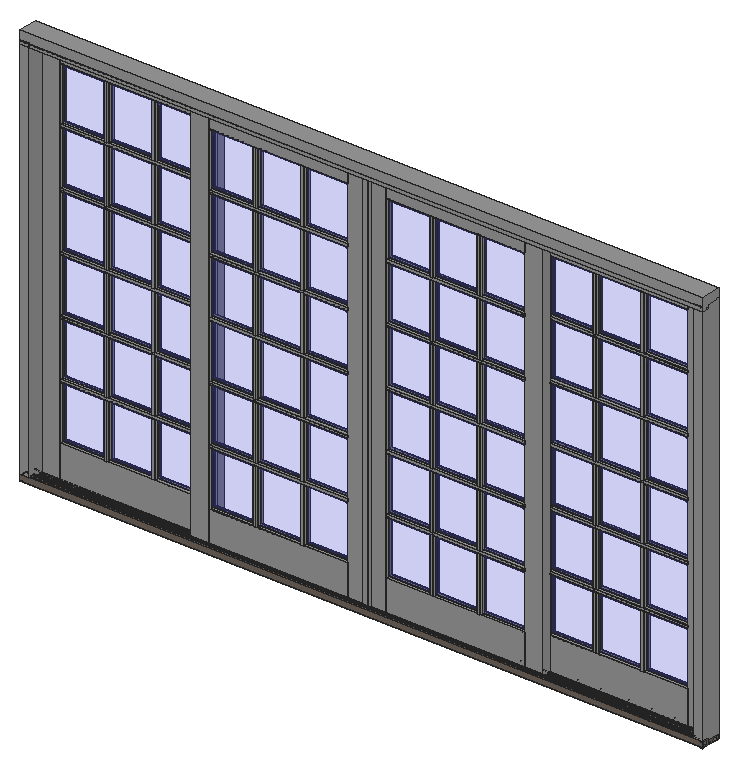
Revit family "VSDA3.6SPCO", category Doors, host Wall, Revit 2015 (continued)
Automatic sketch dimensions
  Sweep 109 sketch curve to Sweep 109 sketch curve = 232.5 mm
  level to Sweep 109 sketch curve = 190 mm
  Sweep 109 sketch curve to Sweep 109 sketch curve = 284 mm
  profile plane to Sweep 109 sketch curve = 0 mm
  profile plane to Sweep 109 sketch curve = 0.241 mm
  Sweep 109 sketch curve to Sweep 109 sketch curve = 6.759 mm
  Sweep 109 sketch curve to Sweep 109 sketch curve = 2 mm  (x2)
  Sweep 109 sketch curve to profile plane = 132.5 mm
  Sweep 109 sketch curve to Sweep 109 sketch curve = 6 mm
  plane 2 "Center (Left/Right)" to Sweep 110 sketch curve = 343.5 mm
  Sweep 110 sketch curve to Sweep 110 sketch curve = 232.5 mm
  level to Sweep 110 sketch curve = 190 mm
  Sweep 110 sketch curve to Sweep 110 sketch curve = 284 mm
  profile plane to Sweep 110 sketch curve = 0 mm
  profile plane to Sweep 110 sketch curve = 0.241 mm
  Sweep 110 sketch curve to Sweep 110 sketch curve = 6.759 mm
  Sweep 110 sketch curve to Sweep 110 sketch curve = 2 mm  (x2)
  Sweep 110 sketch curve to profile plane = 132.5 mm
  Sweep 110 sketch curve to Sweep 110 sketch curve = 6 mm
  level to Sweep 111 sketch curve = 190 mm
  plane 2 "Center (Left/Right)" to Sweep 111 sketch curve = 589 mm
  Sweep 111 sketch curve to Sweep 111 sketch curve = 232.5 mm
  Sweep 111 sketch curve to Sweep 111 sketch curve = 284 mm
  profile plane to Sweep 111 sketch curve = 0 mm
  profile plane to Sweep 111 sketch curve = 0.241 mm
  Sweep 111 sketch curve to Sweep 111 sketch curve = 6.759 mm
  Sweep 111 sketch curve to Sweep 111 sketch curve = 2 mm  (x2)
  Sweep 111 sketch curve to profile plane = 132.5 mm
  Sweep 111 sketch curve to Sweep 111 sketch curve = 6 mm
